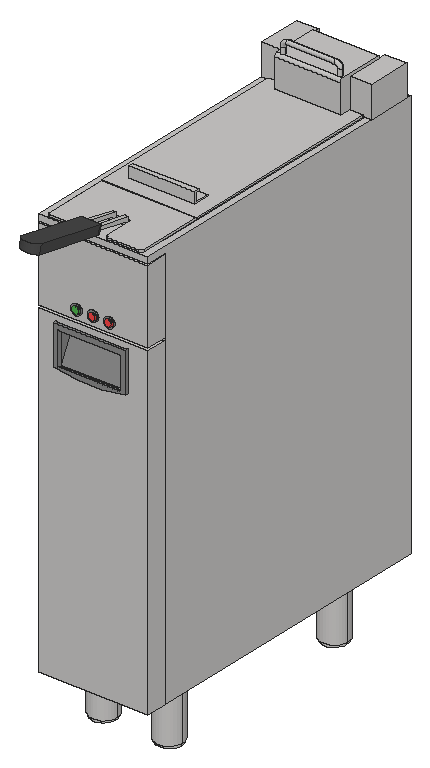
Revit family "QF_ZANUSSI_285002_ZXFRPB1BWF", category Specialty Equipment, Revit 2018
Family settings
  Round Connector Dimension = Use Diameter
  Part Type = Normal
  Work Plane-Based = No
  Always vertical = Yes
  Cut with Voids When Loaded = No
  Shared = No
  Room Calculation Point = No
Parameters
  Weight = 0.00 kg
  Watts = 0 W
  Volts = 220 V
  URL Manufacturer = "http://www.zanussiprofessional.com"
  URL = "http://www.zanussiprofessional.com"
  Steam Supply Size = 0"
  Steam Supply Minimum Pressure = 0.00 psi
  Steam Supply Maximum Pressure = 0.00 psi
  Steam Pounds per Hour = 0
  Show Logo [instance] = yes
  Show Clearance [instance] = yes
  Refrigeration Suction Line Size = 0"
  Refrigeration Liquid Line Size = 0"
  Refrigerant Compressor Remote = yes
  Phase = 1
  Model = "ZXFRPB1BWF"
  Manufacturer = "Zanussi"
  Length Actual = 200 mm  # constant formula
  Item Number = "285002"
  Hot Water Size = 0"
  Height Actual = 930 mm  # constant formula
  HP = "9.9 HP"
  Gas Size = 0"
  Gas KW = 0
  Gas Input Pressure = 0.0 Btu/h
  Direct Waste Size = 0"
  Description = "9LT ELECTRIC FRYER-1 WELL+1BASKET"
  Depth Actual = 600 mm  # constant formula
  Cycle = 60 Hz
  Condensate Return Size = 0"
  Compressed Air Volume = 0 GPM
  Compressed Air Size = 0"
  Compressed Air Pressure = 0.00 psi
  Cold Water Size = 0"
  Accessory = yes
Reference planes
  plane 1 "BACK": y = 0
  plane 2: z = 0
  plane 3 "LEFT": x = 0
  plane 4 "RIGHT": x = 200
  plane 5 "FRONT": y = -600
  plane 6 "TOP": z = 907
  plane 7 "Center Y": x = 100
  plane 8 "Center X": y = -300
  plane 9 "TOP A": z = 850
  plane 10: z = 100
  plane 11: y = -124
  plane 12: y = -501
  plane 13: y = -943
  plane 14: x = 160
  plane 15: x = 40
  plane 16: z = 915.999
  plane 17: z = 935
  plane 18: x = 155
  plane 19: y = -781
  plane 20: y = -755
  plane 21: y = 95
  plane 22: z = 700
  plane 23: x = 40
  plane 24: z = 935
Forms (mm)
  Extrusion 1, solid, material "QF_Finishes_Stainless Steel"
    sketch origin (0, 0, 0) x (0, 1, 0) y (0, 0, 1)
      loop
        line (0, 850) -> (-600, 850) -> (-600, 838.077) -> (-560.15, 838.077) -> (-560.15, 100) -> (0, 100) -> (0, 850)
      loop
        line (-600, 695) -> (-600, 100) -> (-561.737, 100) -> (-561.737, 695) -> (-600, 695)
      loop
        line (-561.737, 700) -> (-561.737, 835) -> (-600, 835) -> (-600, 700) -> (-561.737, 700)
    from 0 to 200
  Extrusion 2, void
    sketch origin (0, 0, 850) x (-1, 0, 0) y (0, -1, 0)
      loop
        line (-10.5, 88.124) -> (-10.5, 550.573) -> (-189.691, 550.573) -> (-189.691, 88.124) -> (-10.5, 88.124)
    from 0 to -150
  Extrusion 3, solid, material "QF_Clearances", visible <- "Show Clearance", detail levels coarse
    sketch origin (0, 0, 0) x (1, 0, 0) y (0, 1, 0)
      loop
        line (0, 0) -> (200, 0) -> (200, 95) -> (0, 95) -> (0, 0)
    from 0 to 907
  Extrusion 4, solid, material "QF_Door-Drawer Clearances", visible <- "Show Clearance", detail levels coarse
    sketch origin (0, 0, 850) x (-1, 0, 0) y (0, -1, 0)
      loop
        line (-190.5, 600) -> (-9.5, 600)
        arc (-9.5, 600) -> (-62.514, 727.986) -> (-190.5, 781) r 181
        line (-190.5, 781) -> (-190.5, 600)
    from -750 to -155
  Extrusion 5, solid, material "QF_Finishes_Stainless Steel"
    sketch origin (100, -139.304, 888.806) x (0, 1, 0) y (-1, 0, 0)
      loop
        line (49.304, 100) -> (49.304, 60) -> (129.304, 60) -> (129.304, 100) -> (49.304, 100)
      loop
        line (49.304, -100) -> (129.304, -100) -> (129.304, -60) -> (49.304, -60) -> (49.304, -100)
    from -38.806 to 18.194
  Revolve 6, solid, material "QF_Finishes_Stainless Steel"
    sketch origin (0, -501, 608.09) x (0, 0, 1) y (1, 0, 0)
      loop
        line (-608.09, 40) -> (-608.09, 17.609) -> (-603.09, 17.609) -> (-603.09, 15) -> (-508.09, 15) -> (-508.09, 40) -> (-608.09, 40)
      axis (-608.09, 40) -> (-508.09, 40)
    angle from 0 to 360
  Extrusion 7, solid, material "QF_Finishes_Stainless Steel"
    sketch origin (0, 600, 100) x (-1, 0, 0) y (0, 1, 0)
      loop
        circle (-155, -650) r 6.35
    from 0 to 8
  Revolve 8, solid, material "QF_Finishes_Stainless Steel"
    sketch origin (200, -501, 608.09) x (0, 0, 1) y (1, 0, 0)
      loop
        line (-608.09, -40) -> (-508.09, -40) -> (-508.09, -15) -> (-603.09, -15) -> (-603.09, -17.609) -> (-608.09, -17.609) -> (-608.09, -40)
      axis (-608.09, -40) -> (-508.09, -40)
    angle from 0 to 360
  Revolve 9, solid, material "QF_Finishes_Stainless Steel"
    sketch origin (0, -124, 608.09) x (0, 0, 1) y (-1, 0, 0)
      loop
        line (-608.09, -40) -> (-508.09, -40) -> (-508.09, -15) -> (-603.09, -15) -> (-603.09, -17.609) -> (-608.09, -17.609) -> (-608.09, -40)
      axis (-608.09, -40) -> (-508.09, -40)
    angle from 0 to 360
  Revolve 10, solid, material "QF_Finishes_Stainless Steel"
    sketch origin (200, -124, 608.09) x (0, 0, 1) y (-1, 0, 0)
      loop
        line (-608.09, 40) -> (-608.09, 17.609) -> (-603.09, 17.609) -> (-603.09, 15) -> (-508.09, 15) -> (-508.09, 40) -> (-608.09, 40)
      axis (-608.09, 40) -> (-508.09, 40)
    angle from 0 to 360
  Extrusion 11, void
    sketch origin (0, 0, 0) x (0, 1, 0) y (0, 0, 1)
      loop
        line (-600, 615) -> (-570, 675) -> (-600, 675) -> (-600, 615)
    from 40 to 155
  Extrusion 12, solid, material "QF_Finishes_grey"
    sketch origin (0, -600, 695) x (0, 0, -1) y (1, 0, 0)
      loop
        line (20, 40) -> (80, 40) -> (80, 155) -> (20, 155) -> (20, 40)
      loop
        line (10, 32) -> (82.581, 32)
        arc (82.581, 32) -> (90.011, 97.5) -> (82.581, 163) r 292.45
        line (82.581, 163) -> (10, 163) -> (10, 32)
    from 0 to 5
  Extrusion 13, solid, material "QF_Finishes_Red"
    sketch origin (39.327, -600, 649.266) x (0, 0, 1) y (-1, 0, 0)
      loop
        circle (68.272, -60.648) r 6.35
    from 0 to 3.175
  Extrusion 14, solid, material "QF_Finishes_grey"
    sketch origin (0, -600, 700) x (0, 0, 1) y (-1, 0, 0)
      loop
        circle (17.537, -99.975) r 6.35
      loop
        circle (17.537, -99.975) r 9.35
    from 0 to 1.394
  Extrusion 15, solid, material "QF_Finishes_Red"
    sketch origin (69.327, -600, 649.266) x (0, 0, 1) y (-1, 0, 0)
      loop
        circle (68.272, -60.648) r 6.35
    from 0 to 3.175
  Extrusion 16, solid, material "QF_Finishes_grey"
    sketch origin (30, -600, 700) x (0, 0, 1) y (-1, 0, 0)
      loop
        circle (17.537, -99.975) r 6.35
      loop
        circle (17.537, -99.975) r 9.35
    from 0 to 1.394
  Extrusion 17, solid, material "QF_Finishes_Green"
    sketch origin (9.327, -600, 649.266) x (0, 0, 1) y (-1, 0, 0)
      loop
        circle (68.272, -60.648) r 6.35
    from 0 to 3.175
  Extrusion 18, solid, material "QF_Finishes_grey"
    sketch origin (-30, -600, 700) x (0, 0, 1) y (-1, 0, 0)
      loop
        circle (17.537, -99.975) r 6.35
      loop
        circle (17.537, -99.975) r 9.35
    from 0 to 1.394
  Sweep 19, solid, material "QF_Finishes_Stainless Steel"
    path origin (-1.25, 52.5, 0) x (1, 0, 0) y (0, 0, 1)
      loop
        line (51.187, 910.561) -> (51.187, 921.65)
        arc (51.187, 921.65) -> (53.047, 926.14) -> (57.537, 928) r 6.35
        line (57.537, 928) -> (145.725, 928)
        arc (145.725, 928) -> (149.508, 926.433) -> (151.075, 922.65) r 5.35
        line (151.075, 922.65) -> (151.075, 910.561)
    profile origin (49.937, 52.5, 916.105) x (-1, 0, 0) y (0, -1, 0)
      loop
        circle (2.09, 153.254) r 3.827
  Extrusion 20, solid, material "QF_Finishes_Stainless Steel"
    sketch origin (0, 65, 0) x (0, 1, 0) y (0, 0, 1)
      loop
        line (-88.124, 910.561) -> (-170, 910.561)
        arc (-170, 910.561) -> (-173.536, 909.096) -> (-175, 905.561) r 5
        line (-175, 905.561) -> (-175, 850) -> (-88.124, 850) -> (-88.124, 910.561)
    from 40 to 160
  Extrusion 21, solid, material "QF_Finishes_Mesh"
    sketch origin (178.262, -64.779, 844.25) x (-1, 0, 0) y (0, -1, 0)
      loop
        arc (123.4, 118.481) -> (141.36, 125.92) -> (148.8, 143.881) r 25.4
        line (148.8, 143.881) -> (148.8, 376.11)
        arc (148.8, 376.11) -> (141.36, 394.071) -> (123.4, 401.51) r 25.4
        line (123.4, 401.51) -> (33.125, 401.51)
        arc (33.125, 401.51) -> (15.164, 394.071) -> (7.725, 376.11) r 25.4
        line (7.725, 376.11) -> (7.725, 143.881)
        arc (7.725, 143.881) -> (15.164, 125.92) -> (33.125, 118.481) r 25.4
        line (33.125, 118.481) -> (123.4, 118.481)
      loop
        arc (123.4, 121.656) -> (139.115, 128.165) -> (145.625, 143.881) r 22.225
        line (145.625, 143.881) -> (145.625, 376.11)
        arc (145.625, 376.11) -> (139.115, 391.826) -> (123.4, 398.335) r 22.225
        line (123.4, 398.335) -> (33.125, 398.335)
        arc (33.125, 398.335) -> (17.409, 391.826) -> (10.9, 376.11) r 22.225
        line (10.9, 376.11) -> (10.9, 143.881)
        arc (10.9, 143.881) -> (17.409, 128.165) -> (33.125, 121.656) r 22.225
        line (33.125, 121.656) -> (123.4, 121.656)
    from -109 to -5.315
  Extrusion 22, solid, material "QF_Finishes_Black"
    sketch origin (234.175, -818.725, 918.681) x (0, 0.980628, -0.195878) y (-1, 0, 0)
      loop
        arc (79.035, 152.655) -> (68.808, 134.038) -> (79.035, 115.42) r 22.059
        line (79.035, 115.42) -> (214.834, 115.42)
        arc (214.834, 115.42) -> (217.308, 116.446) -> (218.334, 118.92) r 3.5
        line (218.334, 118.92) -> (218.334, 149.146)
        arc (218.334, 149.146) -> (217.306, 151.628) -> (214.824, 152.655) r 3.509
        line (214.824, 152.655) -> (79.035, 152.655)
    from -15.884 to 0
  Extrusion 23, solid, material "QF_Finishes_Stainless Steel"
    sketch origin (0, 0, 850) x (0, -1, 0) y (1, 0, 0)
      loop
        arc (90, 18.5) -> (91.464, 14.964) -> (95, 13.5) r 5
        line (95, 13.5) -> (472, 13.5) -> (472, 186.691) -> (95, 186.691)
        arc (95, 186.691) -> (91.464, 185.227) -> (90, 181.691) r 5
        line (90, 181.691) -> (90, 165)
        arc (90, 165) -> (91.464, 161.464) -> (95, 160) r 5
        line (95, 160) -> (110, 160) -> (110, 40) -> (95, 40)
        arc (95, 40) -> (91.464, 38.536) -> (90, 35) r 5
        line (90, 35) -> (90, 18.5)
      loop
        line (473, 186.691) -> (473, 13.5) -> (592, 13.5)
        arc (592, 13.5) -> (595.536, 14.964) -> (597, 18.5) r 5
        line (597, 18.5) -> (597, 75.55)
        arc (597, 75.55) -> (595.536, 79.086) -> (592, 80.55) r 5
        line (592, 80.55) -> (543.238, 80.55)
        arc (543.238, 80.55) -> (539.703, 82.014) -> (538.238, 85.55) r 5
        line (538.238, 85.55) -> (538.238, 114.641)
        arc (538.238, 114.641) -> (539.703, 118.177) -> (543.238, 119.641) r 5
        line (543.238, 119.641) -> (592, 119.641)
        arc (592, 119.641) -> (595.536, 121.106) -> (597, 124.641) r 5
        line (597, 124.641) -> (597, 181.691)
        arc (597, 181.691) -> (595.536, 185.227) -> (592, 186.691) r 5
        line (592, 186.691) -> (473, 186.691)
    from 0 to 3
  Extrusion 24, solid, material "QF_Finishes_Stainless Steel"
    sketch origin (166.074, -30.154, 119.93) x (0, 0.984808, 0.173648) y (0, -0.173648, 0.984808)
      loop
        line (-380.327, 769.003) -> (-372.194, 815.127) -> (-436.107, 840.041) -> (-438.413, 834.124) -> (-379.351, 811.102) -> (-387.692, 763.803) -> (-308.907, 749.911) -> (-307.796, 756.214) -> (-380.327, 769.003)
    from -80.476 to -74.619
  Extrusion 25, solid, material "QF_Finishes_Stainless Steel"
    sketch origin (34.2, -30.154, 119.93) x (0, 0.984808, 0.173648) y (0, 0.173648, -0.984808)
      loop
        line (-372.194, -815.127) -> (-380.327, -769.003) -> (-307.796, -756.214) -> (-308.907, -749.911) -> (-387.692, -763.803) -> (-379.351, -811.102) -> (-438.413, -834.124) -> (-436.107, -840.041) -> (-372.194, -815.127)
    from -80.476 to -74.619
  Extrusion 26, solid, material "QF_Finishes_Stainless Steel"
    sketch origin (13.5, -88.124, 850) x (0, -1, 0) y (0, 0, 1)
      loop
        line (354.876, 3) -> (354.876, 23) -> (346.126, 23) -> (346.126, 20) -> (351.876, 20) -> (351.876, 5) -> (324.876, 5) -> (324.876, 3) -> (354.876, 3)
    from -26.5 to -146.5
Cuts and joins
  Extrusion 2, Extrusion 11 cuts Extrusion 1
  Extrusion 11 cuts Extrusion 4
Lines and regions (mm)
  symbolic lines, style "QF_Clearances", visible <- "Show Clearance", detail levels coarse
    curve 1: line (200, 95, 850) -> (0, 95, 850)
  symbolic lines
    curve 2: line (0, -600, 850) -> (0, 0, 850)
    curve 3: line (190.5, -90, 850) -> (190.5, -600, 850)
    curve 4: line (11.548, -90, 850) -> (11.548, -597, 850)
    curve 5: line (11.548, -597, 850) -> (75.55, -597, 850)
    curve 6: line (124.641, -597, 850) -> (188.452, -597, 850)
    curve 7: line (188.452, -597, 850) -> (188.452, -90, 850)
    curve 8: line (200, -90, 850) -> (160, -90, 850)
    curve 9: line (200, -600, 850) -> (0, -600, 850)
    curve 11: line (40, -23.124, 850) -> (40, -110, 850)
    curve 12: line (40, -110, 850) -> (160, -110, 850)
    curve 13: line (160, -110, 850) -> (160, -23.124, 850)
    curve 14: line (40, -23.124, 850) -> (160, -23.124, 850)
    curve 15: line (40, -88.124, 850) -> (160, -88.124, 850)
    curve 16: line (40, -90, 850) -> (0, -90, 850)
    curve 17: line (0, 0, 850) -> (200, 0, 850)
    curve 19: line (47.824, -96.927, 850) -> (151.941, -96.927, 850)
    curve 20: line (151.941, -104.585, 850) -> (47.824, -104.585, 850)
    curve 21: arc (151.941, -96.927, 850) -> (155.77, -100.756, 850) -> (151.941, -104.585, 850) r 3.829
    curve 22: arc (47.824, -96.927, 850) -> (43.995, -100.756, 850) -> (47.824, -104.585, 850) r 3.829
    curve 23: line (40, -23.124, 0) -> (40, -10, 0)
    curve 24: line (40, -10, 0) -> (0, -10, 0)
    curve 25: line (0, -10, 0) -> (0, -90, 0)
    curve 26: line (160, -23.124, 0) -> (160, -10, 0)
    curve 27: line (160, -10, 0) -> (200, -10, 0)
    curve 28: line (200, 0, 0) -> (200, -600, 0)
    curve 29: arc (119.641, -592, 0) -> (121.106, -595.536, 0) -> (124.641, -597, 0) r 5
    curve 30: line (119.641, -543.238, 0) -> (119.641, -592, 0)
    curve 31: arc (114.641, -538.238, 0) -> (118.177, -539.703, 0) -> (119.641, -543.238, 0) r 5
    curve 32: line (85.55, -538.238, 0) -> (114.641, -538.238, 0)
    curve 33: arc (80.55, -543.238, 0) -> (82.014, -539.703, 0) -> (85.55, -538.238, 0) r 5
    curve 34: line (80.55, -592, 0) -> (80.55, -543.238, 0)
    curve 35: arc (75.55, -597, 0) -> (79.086, -595.536, 0) -> (80.55, -592, 0) r 5
    curve 36: line (81.52, -608.062, 0) -> (81.52, -744.332, 0)
    curve 37: spline (85.029, -604.621, 0) -> (84.571, -604.65, 0) -> (84.121, -604.738, 0) -> (83.686, -604.883, 0) -> (83.274, -605.082, 0) -> (82.893, -605.332, 0) -> (82.547, -605.628, 0) -> (82.245, -605.967, 0) -> (81.99, -606.341, 0) -> (81.787, -606.745, 0) -> (81.639, -607.171, 0) -> (81.55, -607.613, 0) -> (81.52, -608.062, 0)
    curve 38: line (115.255, -604.621, 0) -> (85.029, -604.621, 0)
    curve 39: spline (118.755, -608.053, 0) -> (118.725, -607.605, 0) -> (118.635, -607.164, 0) -> (118.488, -606.739, 0) -> (118.286, -606.337, 0) -> (118.031, -605.963, 0) -> (117.729, -605.626, 0) -> (117.385, -605.33, 0) -> (117.005, -605.08, 0) -> (116.594, -604.882, 0) -> (116.16, -604.738, 0) -> (115.711, -604.65, 0) -> (115.255, -604.621, 0)
    curve 40: line (118.755, -744.332, 0) -> (118.755, -608.053, 0)
    curve 41: spline (118.755, -744.332, 0) -> (116.522, -747.213, 0) -> (113.832, -749.688, 0) -> (110.758, -751.689, 0) -> (107.387, -753.16, 0) -> (103.814, -754.059, 0) -> (100.137, -754.361, 0) -> (96.461, -754.059, 0) -> (92.887, -753.16, 0) -> (89.516, -751.689, 0) -> (86.443, -749.688, 0) -> (83.752, -747.213, 0) -> (81.52, -744.332, 0)
    curve 42: line (13.5, -592, 0) -> (13.5, -473, 0)
    curve 43: line (13.5, -473, 0) -> (186.691, -473, 0)
    curve 44: line (186.691, -473, 0) -> (186.691, -592, 0)
    curve 45: arc (181.691, -597, 0) -> (185.227, -595.536, 0) -> (186.691, -592, 0) r 5
    curve 46: arc (13.5, -592, 0) -> (14.964, -595.536, 0) -> (18.5, -597, 0) r 5
    curve 47: line (13.5, -472, 0) -> (186.691, -472, 0)
    curve 48: line (186.691, -472, 0) -> (186.691, -95, 0)
    curve 49: line (13.5, -95, 0) -> (13.5, -472, 0)
    curve 50: arc (40, -95, 0) -> (38.536, -91.464, 0) -> (35, -90, 0) r 5
    curve 51: arc (18.5, -90, 0) -> (14.964, -91.464, 0) -> (13.5, -95, 0) r 5
    curve 52: arc (165, -90, 0) -> (161.464, -91.464, 0) -> (160, -95, 0) r 5
    curve 53: arc (186.691, -95, 0) -> (185.227, -91.464, 0) -> (181.691, -90, 0) r 5
    curve 54: line (63.625, -600, 0) -> (63.625, -603.175, 0)
    curve 55: line (63.625, -603.175, 0) -> (76.325, -603.175, 0)
    curve 56: line (76.325, -603.175, 0) -> (76.325, -600, 0)
    curve 57: line (106.325, -603.175, 0) -> (106.325, -600, 0)
    curve 58: line (106.325, -603.175, 0) -> (93.625, -603.175, 0)
    curve 59: line (91.456, -538.238, 0) -> (91.456, -604.621, 0)
    curve 60: line (108.819, -538.238, 0) -> (108.819, -604.621, 0)
    curve 61: line (114.676, -538.238, 0) -> (114.676, -604.621, 0)
    curve 62: line (85.599, -538.238, 0) -> (85.599, -604.621, 0)
    curve 63: line (93.625, -603.175, 0) -> (93.625, -600, 0)
    curve 64: line (136.325, -603.175, 0) -> (123.625, -603.175, 0)
    curve 65: line (123.625, -603.175, 0) -> (123.625, -600, 0)
    curve 66: line (136.325, -603.175, 0) -> (136.325, -600, 0)
    curve 67: line (45, -413, 0) -> (155, -413, 0)
    curve 68: line (40, -443, 0) -> (40, -418, 0)
    curve 69: line (160, -443, 0) -> (40, -443, 0)
    curve 70: line (160, -418, 0) -> (160, -443, 0)
    curve 71: line (45, -434.25, 0) -> (155, -434.25, 0)
    curve 72: arc (40, -418, 0) -> (41.464, -414.464, 0) -> (45, -413, 0) r 5
    curve 73: arc (155, -413, 0) -> (158.536, -414.464, 0) -> (160, -418, 0) r 5
    curve 74: arc (40, -439.25, 0) -> (41.464, -435.714, 0) -> (45, -434.25, 0) r 5
    curve 75: arc (160, -439.25, 0) -> (158.536, -435.714, 0) -> (155, -434.25, 0) r 5
  symbolic lines, style "QF_Door-Drawer Clearances"
    curve 10: line (190.5, -781, 850) -> (190.5, -600, 850)
    curve 18: arc (9.5, -600, 0) -> (62.514, -727.986, 0) -> (190.5, -781, 0) r 181
Dimensions and locks
  equal spacing: plane 3 "LEFT", plane 7 "Center Y", plane 4 "RIGHT"
  plane 3 "LEFT" to plane 4 "RIGHT" = 200 mm
  equal spacing: plane 5 "FRONT", plane 8 "Center X", plane 1 "BACK"
  plane 5 "FRONT" to plane 1 "BACK" = 600 mm  (x2)
  plane 1 "BACK" to plane 5 "FRONT" = 600 mm
  plane 10 to level = 100 mm  (x2)
  plane 1 "BACK" to plane 11 = 124 mm
  plane 11 to plane 12 = 377 mm
  locked: plane 12 to cut or joined group of Extrusion 1, Extrusion 2, Extrusion 11 at 99
  locked: plane 13 to plane 5 "FRONT" at 343
  plane 4 "RIGHT" to plane 14 = 40 mm
  plane 15 to plane 3 "LEFT" = 40 mm
  plane 16 to plane 9 "TOP A" = 65.999 mm
  plane 9 "TOP A" to plane 17 = 85 mm
  plane 4 "RIGHT" to plane 3 "LEFT" = 200 mm
  plane 9 "TOP A" to plane 10 = 750 mm
  plane 6 "TOP" to level = 907 mm
  Extrusion 7 sketch curve to plane 1 "BACK" = 50 mm
  Extrusion 7 sketch curve to plane 4 "RIGHT" = 45 mm
  plane 10 to Extrusion 7 = 8 mm  (x2)
  plane 18 to plane 4 "RIGHT" = 45 mm
  plane 1 "BACK" to Extrusion 7 = 50 mm
  plane 5 "FRONT" to plane 19 = 181 mm
  plane 5 "FRONT" to plane 20 = 155 mm
  curve 1 to plane 1 "BACK" = 95 mm
  plane 9 "TOP A" to Extrusion 3 = 850 mm
  Revolve 6 sketch curve to Revolve 6 sketch curve = 25 mm
  Revolve 8 sketch curve to Revolve 8 sketch curve = 25 mm
  Revolve 9 sketch curve to Revolve 9 sketch curve = 25 mm
  Revolve 10 sketch curve to Revolve 10 sketch curve = 25 mm
  plane 1 "BACK" to plane 20 = 755 mm
  aligned and locked: level to plane 2
  aligned and locked: plane 4 "RIGHT" to Extrusion 1
  aligned and locked: plane 6 "TOP" to Extrusion 3
  aligned and locked: plane 6 "TOP" to Extrusion 5
  aligned and locked: plane 12 to Revolve 6
  aligned and locked: Extrusion 3 sketch curve to plane 21
  aligned and locked: Extrusion 3 to plane 3 "LEFT"
  aligned and locked: plane 4 "RIGHT" to Extrusion 3
  aligned and locked: Extrusion 2 to Extrusion 1
  aligned and locked: cut or joined group of Extrusion 1, Extrusion 2, Extrusion 11 to Extrusion 4
  aligned and locked: plane 15 to Revolve 6 sketch curve
  aligned and locked: Extrusion 11 sketch curve to plane 5 "FRONT"
  aligned and locked: Extrusion 5 sketch curve to Extrusion 5 sketch curve  (x2)
Automatic sketch dimensions
  Revolve 6 sketch curve to level = 0 mm
  Revolve 6 sketch curve to plane 10 = 0 mm  (x2)
  plane 15 to Revolve 6 sketch curve = 0 mm
  level to Revolve 6 sketch curve = 5 mm
  Revolve 6 sketch curve to Revolve 6 sketch curve = 2.609 mm
  plane 10 to Revolve 6 sketch curve = 20 mm
  Revolve 8 sketch curve to level = 0 mm
  Revolve 8 sketch curve to plane 10 = 0 mm  (x2)
  plane 14 to Revolve 8 sketch curve = 0 mm  (x2)
  level to Revolve 8 sketch curve = 5 mm
  Revolve 8 sketch curve to Revolve 8 sketch curve = 2.609 mm
  plane 10 to Revolve 8 sketch curve = 20 mm
  Revolve 9 sketch curve to level = 0 mm
  Revolve 9 sketch curve to plane 10 = 0 mm  (x2)
  Revolve 9 sketch curve to plane 15 = 0 mm  (x2)
  level to Revolve 9 sketch curve = 5 mm
  Revolve 9 sketch curve to Revolve 9 sketch curve = 2.609 mm
  plane 10 to Revolve 9 sketch curve = 20 mm
  Revolve 10 sketch curve to level = 0 mm
  Revolve 10 sketch curve to plane 10 = 0 mm  (x2)
  Revolve 10 sketch curve to plane 14 = 0 mm  (x2)
  level to Revolve 10 sketch curve = 5 mm
  Revolve 10 sketch curve to Revolve 10 sketch curve = 2.609 mm
  plane 10 to Revolve 10 sketch curve = 20 mm
  plane 9 "TOP A" to Sweep 19 sketch curve = 60.561 mm  (x2)
  plane 16 to Sweep 19 sketch curve = 5.651 mm
  plane 15 to Sweep 19 sketch curve = 9.937 mm
  plane 17 to Sweep 19 sketch curve = 7 mm
  plane 18 to Sweep 19 sketch curve = 10.525 mm
  plane 18 to Sweep 19 sketch curve = 5.175 mm
  Sweep 19 sketch curve to profile plane = 2.09 mm
  profile plane to Sweep 19 sketch curve = 153.254 mm
  Extrusion 22 sketch curve to plane 7 "Center Y" = 18.48 mm
  Extrusion 22 sketch curve to Extrusion 22 sketch curve = 0 mm
  plane 7 "Center Y" to Extrusion 22 sketch curve = 0.137 mm
  Extrusion 22 sketch curve to Extrusion 22 sketch curve = 11.832 mm
  Extrusion 22 sketch curve to plane 7 "Center Y" = 14.971 mm
  Extrusion 22 sketch curve to Extrusion 22 sketch curve = 123.958 mm
  Extrusion 22 sketch curve to Extrusion 22 sketch curve = 3.5 mm
  Extrusion 1 sketch curve to plane 5 "FRONT" = 0 mm  (x3)
  Extrusion 1 sketch curve to plane 22 = 0 mm
  Extrusion 1 sketch curve to plane 10 = 0 mm  (x2)
  Extrusion 1 sketch curve to plane 1 "BACK" = 0 mm
  Extrusion 1 sketch curve to plane 9 "TOP A" = 0 mm
  Extrusion 1 sketch curve to plane 9 "TOP A" = 15 mm
  Extrusion 1 sketch curve to plane 5 "FRONT" = 38.263 mm
  Extrusion 1 sketch curve to Extrusion 1 sketch curve = 0 mm
  Extrusion 1 sketch curve to Extrusion 1 sketch curve = 1.588 mm
  Extrusion 1 sketch curve to plane 22 = 5 mm
  Extrusion 1 sketch curve to Extrusion 1 sketch curve = 3.077 mm
  Extrusion 2 sketch curve to plane 4 "RIGHT" = 10.309 mm
  plane 3 "LEFT" to Extrusion 2 sketch curve = 10.5 mm
  Extrusion 2 sketch curve to plane 11 = 35.876 mm
  Extrusion 2 sketch curve to plane 5 "FRONT" = 49.427 mm
  Extrusion 3 sketch curve to plane 3 "LEFT" = 0 mm
  Extrusion 3 sketch curve to plane 4 "RIGHT" = 0 mm
  plane 1 "BACK" to Extrusion 3 sketch curve = 0 mm
  Extrusion 4 sketch curve to plane 19 = 0 mm
  plane 5 "FRONT" to Extrusion 4 sketch curve = 0 mm
  Extrusion 4 sketch curve to plane 4 "RIGHT" = 9.5 mm
  Extrusion 5 sketch curve to plane 3 "LEFT" = 0 mm
  Extrusion 5 sketch curve to plane 14 = 0 mm
  Extrusion 5 sketch curve to plane 15 = 0 mm
  Extrusion 5 sketch curve to plane 4 "RIGHT" = 0 mm
  Extrusion 5 sketch curve to plane 11 = 34 mm
  plane 1 "BACK" to Extrusion 5 sketch curve = 10 mm
  Extrusion 1 to Extrusion 11 sketch curve = 8.263 mm
  Extrusion 1 to Extrusion 11 sketch curve = 80 mm
  Extrusion 1 to Extrusion 11 sketch curve = 20 mm
  Extrusion 1 to Extrusion 12 sketch curve = 97.5 mm
  Extrusion 12 sketch curve to Extrusion 1 = 202.439 mm
  Extrusion 1 to Extrusion 12 sketch curve = 10 mm
  Extrusion 12 sketch curve to Extrusion 12 sketch curve = 10 mm
  Extrusion 12 sketch curve to Extrusion 12 sketch curve = 60 mm
  Extrusion 12 sketch curve to Extrusion 12 sketch curve = 2.581 mm  (x2)
  Extrusion 1 to Extrusion 12 sketch curve = 40 mm
  Extrusion 12 sketch curve to Extrusion 12 sketch curve = 8 mm  (x2)
  Extrusion 13 sketch curve to plane 7 "Center Y" = 0.025 mm
  plane 22 to Extrusion 13 sketch curve = 17.537 mm
  Extrusion 14 sketch curve to Extrusion 14 sketch curve = 0 mm  (x12)
  Extrusion 1 to Extrusion 14 sketch curve = 17.537 mm
  Extrusion 1 to Extrusion 14 sketch curve = 99.975 mm
  Extrusion 14 sketch curve to Extrusion 14 sketch curve = 6.35 mm
  Extrusion 14 sketch curve to Extrusion 14 sketch curve = 3 mm
  plane 22 to Extrusion 15 sketch curve = 17.537 mm
  plane 18 to Extrusion 15 sketch curve = 25.025 mm
  Extrusion 16 sketch curve to Extrusion 16 sketch curve = 0 mm  (x12)
  Extrusion 1 to Extrusion 16 sketch curve = 17.537 mm
  Extrusion 1 to Extrusion 16 sketch curve = 70.025 mm
  Extrusion 16 sketch curve to Extrusion 16 sketch curve = 6.35 mm
  Extrusion 16 sketch curve to Extrusion 16 sketch curve = 3 mm
  plane 22 to Extrusion 17 sketch curve = 17.537 mm
  plane 15 to Extrusion 17 sketch curve = 29.975 mm
  Extrusion 18 sketch curve to Extrusion 18 sketch curve = 0 mm  (x12)
  Extrusion 1 to Extrusion 18 sketch curve = 17.537 mm
  Extrusion 1 to Extrusion 18 sketch curve = 69.975 mm
  Extrusion 18 sketch curve to Extrusion 18 sketch curve = 6.35 mm
  Extrusion 18 sketch curve to Extrusion 18 sketch curve = 3 mm
  Extrusion 20 sketch curve to plane 9 "TOP A" = 0 mm
  Extrusion 20 sketch curve to plane 6 "TOP" = 1.439 mm
  Extrusion 20 sketch curve to plane 11 = 14 mm
  Extrusion 20 sketch curve to Extrusion 20 sketch curve = 5 mm
  plane 1 "BACK" to Extrusion 20 sketch curve = 23.124 mm
  Extrusion 21 sketch curve to Extrusion 21 sketch curve = 0 mm  (x8)
  plane 14 to Extrusion 21 sketch curve = 10.538 mm
  Extrusion 21 sketch curve to Extrusion 21 sketch curve = 3.175 mm
  plane 18 to Extrusion 21 sketch curve = 9.862 mm  (x2)
  plane 15 to Extrusion 21 sketch curve = 14.862 mm  (x2)
  Extrusion 21 sketch curve to plane 15 = 7.363 mm
  plane 11 to Extrusion 21 sketch curve = 59.26 mm
  Extrusion 21 sketch curve to plane 12 = 60.11 mm
  Extrusion 1 to Extrusion 23 sketch curve = 18.5 mm
  Extrusion 1 to Extrusion 23 sketch curve = 90 mm  (x2)
  Extrusion 1 to Extrusion 23 sketch curve = 18.309 mm  (x2)
  Extrusion 23 sketch curve to Extrusion 23 sketch curve = 5 mm  (x6)
  Extrusion 23 sketch curve to Extrusion 23 sketch curve = 15 mm
  Extrusion 23 sketch curve to Extrusion 1 = 128 mm
  Extrusion 23 sketch curve to Extrusion 23 sketch curve = 1 mm
  Extrusion 23 sketch curve to Extrusion 1 = 61.762 mm
  Extrusion 23 sketch curve to Extrusion 1 = 8 mm  (x4)
  Extrusion 23 sketch curve to Extrusion 1 = 3 mm  (x2)
  Extrusion 1 to Extrusion 23 sketch curve = 13.5 mm
  Extrusion 23 sketch curve to Extrusion 23 sketch curve = 16.5 mm
  Extrusion 23 sketch curve to Extrusion 23 sketch curve = 57.05 mm
  Extrusion 23 sketch curve to Extrusion 23 sketch curve = 29.091 mm
  Extrusion 23 sketch curve to Extrusion 23 sketch curve = 21.691 mm
  plane 9 "TOP A" to Extrusion 24 sketch curve = 15.252 mm
  plane 5 "FRONT" to Extrusion 24 sketch curve = 6.75 mm
  Extrusion 24 sketch curve to Extrusion 24 sketch curve = 2.306 mm
  Extrusion 24 sketch curve to Extrusion 24 sketch curve = 50.721 mm
  Extrusion 24 sketch curve to Extrusion 24 sketch curve = 7.365 mm
  Extrusion 24 sketch curve to Extrusion 24 sketch curve = 0.975 mm
  Extrusion 24 sketch curve to Extrusion 24 sketch curve = 7.158 mm
  Extrusion 24 sketch curve to Extrusion 24 sketch curve = 71.42 mm
  Extrusion 24 sketch curve to Extrusion 24 sketch curve = 1.111 mm
  Extrusion 24 sketch curve to Extrusion 24 sketch curve = 18.997 mm
  plane 9 "TOP A" to Extrusion 25 sketch curve = 15.252 mm
  plane 5 "FRONT" to Extrusion 25 sketch curve = 6.75 mm
  Extrusion 25 sketch curve to Extrusion 25 sketch curve = 2.306 mm
  Extrusion 25 sketch curve to Extrusion 25 sketch curve = 50.721 mm
  Extrusion 25 sketch curve to Extrusion 25 sketch curve = 7.365 mm
  Extrusion 25 sketch curve to Extrusion 25 sketch curve = 0.975 mm
  Extrusion 25 sketch curve to Extrusion 25 sketch curve = 7.158 mm
  Extrusion 25 sketch curve to Extrusion 25 sketch curve = 71.42 mm
  Extrusion 25 sketch curve to Extrusion 25 sketch curve = 1.111 mm
  Extrusion 25 sketch curve to Extrusion 25 sketch curve = 5.916 mm
  Extrusion 23 to Extrusion 26 sketch curve = 0 mm
  Extrusion 26 sketch curve to Extrusion 23 = 59 mm
  Extrusion 26 sketch curve to Extrusion 26 sketch curve = 21.25 mm
  Extrusion 26 sketch curve to Extrusion 23 = 2 mm
  Extrusion 26 sketch curve to Extrusion 26 sketch curve = 5.75 mm
  Extrusion 26 sketch curve to Extrusion 26 sketch curve = 3 mm  (x2)
  Extrusion 26 sketch curve to Extrusion 26 sketch curve = 15 mm
  curve 25 to plane 3 "LEFT" = 0 mm
  plane 5 "FRONT" to curve 18 = 0 mm
  curve 23 to plane 15 = 0 mm
  curve 50 to plane 15 = 0 mm
  curve 74 to plane 15 = 0 mm
  plane 5 "FRONT" to curve 54 = 0 mm
  plane 5 "FRONT" to curve 56 = 0 mm
  plane 5 "FRONT" to curve 63 = 0 mm
  plane 5 "FRONT" to curve 57 = 0 mm
  plane 5 "FRONT" to curve 65 = 0 mm
  plane 5 "FRONT" to curve 66 = 0 mm
  curve 71 to plane 18 = 0 mm
  curve 73 to plane 18 = 0 mm
  curve 70 to plane 14 = 0 mm
  curve 26 to plane 14 = 0 mm
  curve 52 to plane 14 = 0 mm
  curve 18 to plane 19 = 0 mm
  curve 27 to plane 4 "RIGHT" = 0 mm
  plane 5 "FRONT" to curve 28 = 0 mm
  plane 3 "LEFT" to curve 43 = 13.5 mm
  curve 49 to curve 42 = 0 mm
  curve 46 to curve 46 = 5 mm
  curve 51 to curve 51 = 5 mm
  curve 50 to curve 50 = 5 mm
  plane 15 to curve 72 = 5 mm
  plane 15 to curve 71 = 5 mm
  plane 5 "FRONT" to curve 55 = 3.175 mm
  plane 15 to curve 55 = 23.625 mm
  curve 54 to curve 35 = 11.925 mm
  curve 35 to curve 56 = 0.775 mm
  curve 35 to curve 34 = 5 mm
  curve 55 to curve 36 = 5.195 mm
  curve 37 to curve 38 = 3.509 mm
  curve 33 to curve 32 = 5 mm
  plane 5 "FRONT" to curve 63 = 3.175 mm
  curve 63 to plane 7 "Center Y" = 6.375 mm
  plane 7 "Center Y" to curve 58 = 6.325 mm
  plane 7 "Center Y" to curve 31 = 14.641 mm
  curve 57 to curve 38 = 8.93 mm
  curve 39 to curve 40 = 3.5 mm
  curve 31 to curve 30 = 5 mm
  plane 5 "FRONT" to curve 64 = 3.175 mm
  curve 39 to curve 64 = 4.87 mm
  curve 30 to curve 29 = 5 mm
  curve 64 to curve 64 = 12.7 mm
  curve 52 to curve 52 = 5 mm
  curve 52 to curve 53 = 16.691 mm
  curve 45 to plane 5 "FRONT" = 8 mm
  curve 45 to plane 4 "RIGHT" = 18.309 mm
  curve 48 to plane 4 "RIGHT" = 13.309 mm
  curve 45 to curve 44 = 5 mm
  curve 45 to curve 18 = 3.809 mm
  plane 20 to curve 36 = 10.668 mm
  plane 20 to curve 40 = 10.668 mm
  curve 36 to curve 55 = 4.887 mm
  curve 40 to curve 64 = 4.878 mm
  curve 39 to curve 38 = 3.432 mm
  curve 46 to plane 5 "FRONT" = 8 mm
  curve 29 to plane 5 "FRONT" = 8 mm
  curve 34 to plane 5 "FRONT" = 8 mm
  plane 12 to curve 30 = 42.238 mm
  curve 43 to plane 12 = 28 mm
  curve 42 to curve 47 = 1 mm
  curve 47 to curve 68 = 29 mm
  curve 69 to curve 75 = 3.75 mm
  curve 75 to curve 70 = 16.25 mm
  curve 50 to plane 11 = 29 mm
  curve 53 to plane 11 = 29 mm
  curve 51 to curve 50 = 0 mm
  curve 52 to curve 53 = 0 mm
  plane 1 "BACK" to curve 27 = 10 mm
  curve 41 to curve 41 = 3.442 mm
  curve 33 to curve 62 = 0.049 mm
  curve 59 to curve 58 = 2.169 mm
  curve 60 to curve 32 = 5.822 mm
  curve 61 to curve 39 = 0.579 mm
  curve 40 to curve 41 = 11.603 mm
  curve 31 to curve 61 = 0 mm
  curve 49 to curve 25 = 5 mm
  curve 26 to curve 26 = 13.124 mm
  curve 23 to curve 23 = 13.124 mm
  curve 8 to plane 4 "RIGHT" = 0 mm
  curve 9 to plane 4 "RIGHT" = 0 mm
  plane 1 "BACK" to curve 17 = 0 mm
  curve 10 to plane 19 = 0 mm
  plane 5 "FRONT" to curve 3 = 0 mm
  curve 14 to plane 14 = 0 mm
  curve 15 to plane 15 = 0 mm
  plane 5 "FRONT" to curve 9 = 0 mm
  curve 9 to curve 3 = 9.5 mm
  curve 3 to curve 7 = 2.048 mm
  plane 18 to curve 20 = 3.059 mm
  plane 15 to curve 22 = 7.824 mm
  curve 4 to plane 5 "FRONT" = 3 mm
  plane 3 "LEFT" to curve 4 = 11.548 mm
  plane 1 "BACK" to curve 14 = 23.124 mm
  curve 19 to plane 11 = 27.073 mm
  curve 22 to curve 22 = 3.829 mm
  curve 20 to curve 12 = 5.415 mm
  curve 7 to plane 5 "FRONT" = 3 mm
  plane 7 "Center Y" to curve 6 = 24.641 mm
  curve 5 to plane 7 "Center Y" = 24.45 mm
  curve 15 to curve 19 = 8.803 mm
  curve 15 to curve 16 = 1.876 mm
  curve 15 to curve 7 = 1.876 mm
  plane 1 "BACK" to curve 28 = 0 mm
  plane 1 "BACK" to curve 25 = 10 mm
  curve 1 to plane 4 "RIGHT" = 0 mm
  curve 17 to plane 4 "RIGHT" = 0 mm
  curve 16 to plane 3 "LEFT" = 0 mm
  curve 1 to plane 3 "LEFT" = 0 mm
  radius of Sweep 19 sketch curve = 3.827 mm
  radius of Extrusion 7 sketch curve = 6.35 mm
  radius of Extrusion 13 sketch curve = 6.35 mm
  radius of Extrusion 15 sketch curve = 6.35 mm
  radius of Extrusion 17 sketch curve = 6.35 mm
Connectors
  electrical at (155, -50, 92)
    settings: on Extrusion 7, index 1, voltage 400 V, apparent load 16050 VA, apparent load phase1 0 VA, apparent load phase2 0 VA, apparent load phase3 0 VA, power factor 1, load classification "Other", number of poles 1, system type 30, power factor state 1, is connector primary yes, connector utility no, sub classification motor no, connector description "ELECTRICAL CONNECTION"
